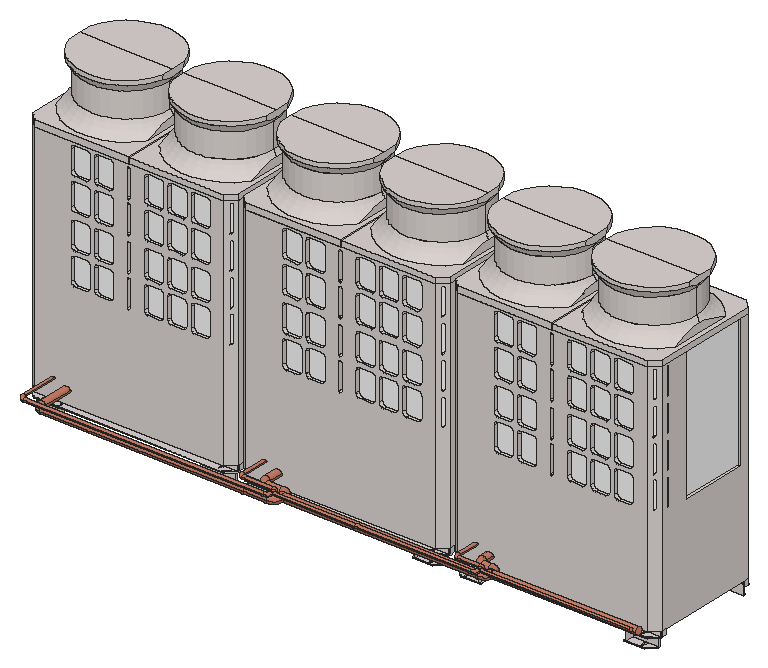
Revit family "PUHY-EP1250YSNW-A1", category 機械設備, Revit 2016 (continued)
Definition of nested family "PUHY-EP450YNW-A1"
  Lines and regions (mm)
    model lines
      curve 14: line (-347, -370, 205) -> (-347, -370, 141)
      curve 15: arc (-485, -370, 215) -> (-492.071, -370, 212.071) -> (-495, -370, 205) r 10
      curve 16: arc (-495, -370, 141) -> (-492.071, -370, 133.929) -> (-485, -370, 131) r 10
      curve 17: arc (-357, -370, 131) -> (-349.929, -370, 133.929) -> (-347, -370, 141) r 10
      curve 18: arc (-347, -370, 205) -> (-349.929, -370, 212.071) -> (-357, -370, 215) r 10
      curve 19: line (-405, -370, 1521) -> (-405, -370, 716)
      curve 20: line (620, -162.3, 1521) -> (620, -162.3, 95)
      curve 21: line (620, 289.2, 1521) -> (620, 289.2, 95)
      curve 22: line (620, -162.3, 705) -> (620, 289.2, 705)
      curve 23: line (620, -162.3, 725) -> (620, 289.2, 725)
      curve 24: line (620, -76.8, 583) -> (620, 203.2, 583)
      curve 25: line (620, 203.2, 563) -> (620, -76.8, 563)
      curve 26: arc (620, -76.8, 583) -> (620, -83.871, 580.071) -> (620, -86.8, 573) r 10
      curve 27: arc (620, -76.8, 563) -> (620, -83.871, 565.929) -> (620, -86.8, 573) r 10
      curve 28: arc (620, 203.2, 583) -> (620, 210.271, 580.071) -> (620, 213.2, 573) r 10
      curve 29: arc (620, 203.2, 563) -> (620, 210.271, 565.929) -> (620, 213.2, 573) r 10
      curve 30: line (620, -76.8, 478) -> (620, 203.2, 478)
      curve 31: line (620, 203.2, 458) -> (620, -76.8, 458)
      curve 32: arc (620, -76.8, 478) -> (620, -83.871, 475.071) -> (620, -86.8, 468) r 10
      curve 33: arc (620, -76.8, 458) -> (620, -83.871, 460.929) -> (620, -86.8, 468) r 10
      curve 34: arc (620, 203.2, 478) -> (620, 210.271, 475.071) -> (620, 213.2, 468) r 10
      curve 35: arc (620, 203.2, 458) -> (620, 210.271, 460.929) -> (620, 213.2, 468) r 10
      curve 36: line (620, -76.8, 373) -> (620, 203.2, 373)
      curve 37: line (620, 203.2, 353) -> (620, -76.8, 353)
      curve 38: arc (620, -76.8, 373) -> (620, -83.871, 370.071) -> (620, -86.8, 363) r 10
      curve 39: arc (620, -76.8, 353) -> (620, -83.871, 355.929) -> (620, -86.8, 363) r 10
      curve 40: arc (620, 203.2, 373) -> (620, 210.271, 370.071) -> (620, 213.2, 363) r 10
      curve 41: arc (620, 203.2, 353) -> (620, 210.271, 355.929) -> (620, 213.2, 363) r 10
      curve 42: line (620, -76.8, 268) -> (620, 203.2, 268)
      curve 43: line (620, 203.2, 248) -> (620, -76.8, 248)
      curve 44: arc (620, -76.8, 268) -> (620, -83.871, 265.071) -> (620, -86.8, 258) r 10
      curve 45: arc (620, -76.8, 248) -> (620, -83.871, 250.929) -> (620, -86.8, 258) r 10
      curve 46: arc (620, 203.2, 268) -> (620, 210.271, 265.071) -> (620, 213.2, 258) r 10
      curve 47: arc (620, 203.2, 248) -> (620, 210.271, 250.929) -> (620, 213.2, 258) r 10
      curve 48: line (-620, -162.3, 1521) -> (-620, -162.3, 95)
      curve 49: line (-620, 235.7, 1521) -> (-620, 235.7, 95)
      curve 50: line (-620, -112.3, 1521) -> (-620, -112.3, 705)
      curve 51: line (-620, 215.7, 1521) -> (-620, 215.7, 705)
      curve 52: line (-620, 235.7, 705) -> (-620, -162.3, 705)
      curve 53: line (-620, 176.7, 268) -> (-620, -103.3, 268)
      curve 54: line (-620, -103.3, 248) -> (-620, 176.7, 248)
      curve 55: arc (-620, 186.7, 258) -> (-620, 183.771, 265.071) -> (-620, 176.7, 268) r 10
      curve 56: arc (-620, 176.7, 248) -> (-620, 183.771, 250.929) -> (-620, 186.7, 258) r 10
      curve 57: arc (-620, -103.3, 268) -> (-620, -110.371, 265.071) -> (-620, -113.3, 258) r 10
      curve 58: arc (-620, -113.3, 258) -> (-620, -110.371, 250.929) -> (-620, -103.3, 248) r 10
      curve 59: line (-620, 176.7, 373) -> (-620, -103.3, 373)
      curve 60: line (-620, -103.3, 353) -> (-620, 176.7, 353)
      curve 61: arc (-620, 186.7, 363) -> (-620, 183.771, 370.071) -> (-620, 176.7, 373) r 10
      curve 62: arc (-620, 176.7, 353) -> (-620, 183.771, 355.929) -> (-620, 186.7, 363) r 10
      curve 63: arc (-620, -103.3, 373) -> (-620, -110.371, 370.071) -> (-620, -113.3, 363) r 10
      curve 64: arc (-620, -113.3, 363) -> (-620, -110.371, 355.929) -> (-620, -103.3, 353) r 10
      curve 65: line (-620, 176.7, 478) -> (-620, -103.3, 478)
      curve 66: line (-620, -103.3, 458) -> (-620, 176.7, 458)
      curve 67: arc (-620, 186.7, 468) -> (-620, 183.771, 475.071) -> (-620, 176.7, 478) r 10
      curve 68: arc (-620, 176.7, 458) -> (-620, 183.771, 460.929) -> (-620, 186.7, 468) r 10
      curve 69: arc (-620, -103.3, 478) -> (-620, -110.371, 475.071) -> (-620, -113.3, 468) r 10
      curve 70: arc (-620, -113.3, 468) -> (-620, -110.371, 460.929) -> (-620, -103.3, 458) r 10
      curve 71: line (-620, 176.7, 583) -> (-620, -103.3, 583)
      curve 72: line (-620, -103.3, 563) -> (-620, 176.7, 563)
      curve 73: arc (-620, 186.7, 573) -> (-620, 183.771, 580.071) -> (-620, 176.7, 583) r 10
      curve 74: arc (-620, 176.7, 563) -> (-620, 183.771, 565.929) -> (-620, 186.7, 573) r 10
      curve 75: arc (-620, -103.3, 583) -> (-620, -110.371, 580.071) -> (-620, -113.3, 573) r 10
      curve 76: arc (-620, -113.3, 573) -> (-620, -110.371, 565.929) -> (-620, -103.3, 563) r 10
      curve 77: line (-544, 370, 1521) -> (-544, 370, 95)
      curve 78: line (489, 370, 649) -> (30, 370, 649)
      curve 79: line (-30.5, 370, 649) -> (-544, 370, 649)
      curve 80: line (-147.25, 370, 584) -> (-427.25, 370, 584)
      curve 81: line (-427.25, 370, 564) -> (-147.25, 370, 564)
      curve 82: arc (-137.25, 370, 574) -> (-140.179, 370, 581.071) -> (-147.25, 370, 584) r 10
      curve 83: arc (-147.25, 370, 564) -> (-140.179, 370, 566.929) -> (-137.25, 370, 574) r 10
      curve 84: arc (-427.25, 370, 584) -> (-434.321, 370, 581.071) -> (-437.25, 370, 574) r 10
      curve 85: arc (-437.25, 370, 574) -> (-434.321, 370, 566.929) -> (-427.25, 370, 564) r 10
      curve 86: circle (448, -185, 1521) r 15 normal (0, 0, 1)
      curve 87: circle (468, -185, 95) r 26 normal (0, 0, 1)
      curve 88: circle (448, -260, 95) r 32.5 normal (0, 0, 1)
      curve 89: circle (404, -204, 95) r 17 normal (0, 0, 1)
      curve 90: line (-550, -370, 1521) -> (-550, -370, 95)
      curve 91: line (-550, -370, 716) -> (-30, -370, 716)
      curve 92: line (550, -370, 95) -> (550, -370, 1521)
      curve 93: line (30, -370, 716) -> (550, -370, 716)
      curve 94: line (-30.5, 370, 1521) -> (-30.5, 370, 95)
      curve 95: line (30, 370, 1521) -> (30, 370, 95)
      curve 96: line (489, 370, 1521) -> (489, 370, 95)
      curve 97: line (467, 370, 669) -> (467, 370, 649)
      curve 98: line (-352, -370, 223) -> (-550, -370, 223)
      curve 99: line (-342, -370, 213) -> (-342, -370, 95)
      curve 100: arc (-342, -370, 213) -> (-344.929, -370, 220.071) -> (-352, -370, 223) r 10
      curve 101: circle (488, -370, 160) r 32.5 normal (0, -1, 0)
      curve 102: circle (488, -370, 160) r 20 normal (0, -1, 0)
      curve 103: circle (364, -370, 150) r 17 normal (0, -1, 0)
      curve 104: circle (413, -370, 185) r 26 normal (0, -1, 0)
      curve 105: circle (413, -370, 185) r 13.5 normal (0, -1, 0)
      curve 106: line (352, -370, 223) -> (550, -370, 223)
      curve 107: line (342, -370, 213) -> (342, -370, 95)
      curve 108: arc (342, -370, 213) -> (344.929, -370, 220.071) -> (352, -370, 223) r 10
      curve 109: line (-147.25, 370, 479) -> (-427.25, 370, 479)
      curve 110: line (-427.25, 370, 459) -> (-147.25, 370, 459)
      curve 111: arc (-137.25, 370, 469) -> (-140.179, 370, 476.071) -> (-147.25, 370, 479) r 10
      curve 112: arc (-147.25, 370, 459) -> (-140.179, 370, 461.929) -> (-137.25, 370, 469) r 10
      curve 113: arc (-427.25, 370, 479) -> (-434.321, 370, 476.071) -> (-437.25, 370, 469) r 10
      curve 114: arc (-437.25, 370, 469) -> (-434.321, 370, 461.929) -> (-427.25, 370, 459) r 10
      curve 115: line (-147.25, 370, 374) -> (-427.25, 370, 374)
      curve 116: line (-427.25, 370, 354) -> (-147.25, 370, 354)
      curve 117: arc (-137.25, 370, 364) -> (-140.179, 370, 371.071) -> (-147.25, 370, 374) r 10
      curve 118: arc (-147.25, 370, 354) -> (-140.179, 370, 356.929) -> (-137.25, 370, 364) r 10
      curve 119: arc (-427.25, 370, 374) -> (-434.321, 370, 371.071) -> (-437.25, 370, 364) r 10
      curve 120: arc (-437.25, 370, 364) -> (-434.321, 370, 356.929) -> (-427.25, 370, 354) r 10
      curve 121: line (-147.25, 370, 269) -> (-427.25, 370, 269)
      curve 122: line (-427.25, 370, 249) -> (-147.25, 370, 249)
      curve 123: arc (-137.25, 370, 259) -> (-140.179, 370, 266.071) -> (-147.25, 370, 269) r 10
      curve 124: arc (-147.25, 370, 249) -> (-140.179, 370, 251.929) -> (-137.25, 370, 259) r 10
      curve 125: arc (-427.25, 370, 269) -> (-434.321, 370, 266.071) -> (-437.25, 370, 259) r 10
      curve 126: arc (-437.25, 370, 259) -> (-434.321, 370, 251.929) -> (-427.25, 370, 249) r 10
      curve 127: line (399.5, 370, 584) -> (119.5, 370, 584)
      curve 128: line (119.5, 370, 564) -> (399.5, 370, 564)
      curve 129: arc (409.5, 370, 574) -> (406.571, 370, 581.071) -> (399.5, 370, 584) r 10
      curve 130: arc (399.5, 370, 564) -> (406.571, 370, 566.929) -> (409.5, 370, 574) r 10
      curve 131: arc (119.5, 370, 584) -> (112.429, 370, 581.071) -> (109.5, 370, 574) r 10
      curve 132: arc (109.5, 370, 574) -> (112.429, 370, 566.929) -> (119.5, 370, 564) r 10
      curve 133: line (399.5, 370, 479) -> (119.5, 370, 479)
      curve 134: line (119.5, 370, 459) -> (399.5, 370, 459)
      curve 135: arc (409.5, 370, 469) -> (406.571, 370, 476.071) -> (399.5, 370, 479) r 10
      curve 136: arc (399.5, 370, 459) -> (406.571, 370, 461.929) -> (409.5, 370, 469) r 10
      curve 137: arc (119.5, 370, 479) -> (112.429, 370, 476.071) -> (109.5, 370, 469) r 10
      curve 138: arc (109.5, 370, 469) -> (112.429, 370, 461.929) -> (119.5, 370, 459) r 10
      curve 139: line (399.5, 370, 374) -> (119.5, 370, 374)
      curve 140: line (119.5, 370, 354) -> (399.5, 370, 354)
      curve 141: arc (409.5, 370, 364) -> (406.571, 370, 371.071) -> (399.5, 370, 374) r 10
      curve 142: arc (399.5, 370, 354) -> (406.571, 370, 356.929) -> (409.5, 370, 364) r 10
      curve 143: arc (119.5, 370, 374) -> (112.429, 370, 371.071) -> (109.5, 370, 364) r 10
      curve 144: arc (109.5, 370, 364) -> (112.429, 370, 356.929) -> (119.5, 370, 354) r 10
      curve 145: line (399.5, 370, 269) -> (119.5, 370, 269)
      curve 146: line (119.5, 370, 249) -> (399.5, 370, 249)
      curve 147: arc (409.5, 370, 259) -> (406.571, 370, 266.071) -> (399.5, 370, 269) r 10
      curve 148: arc (399.5, 370, 249) -> (406.571, 370, 251.929) -> (409.5, 370, 259) r 10
      curve 149: arc (119.5, 370, 269) -> (112.429, 370, 266.071) -> (109.5, 370, 259) r 10
      curve 150: arc (109.5, 370, 259) -> (112.429, 370, 251.929) -> (119.5, 370, 249) r 10
      curve 151: line (399.5, -370, 584) -> (119.5, -370, 584)
      curve 152: line (119.5, -370, 564) -> (399.5, -370, 564)
      curve 153: arc (409.5, -370, 574) -> (406.571, -370, 581.071) -> (399.5, -370, 584) r 10
      curve 154: arc (399.5, -370, 564) -> (406.571, -370, 566.929) -> (409.5, -370, 574) r 10
      curve 155: arc (119.5, -370, 584) -> (112.429, -370, 581.071) -> (109.5, -370, 574) r 10
      curve 156: arc (109.5, -370, 574) -> (112.429, -370, 566.929) -> (119.5, -370, 564) r 10
      curve 157: line (399.5, -370, 479) -> (119.5, -370, 479)
      curve 158: line (119.5, -370, 459) -> (399.5, -370, 459)
      curve 159: arc (409.5, -370, 469) -> (406.571, -370, 476.071) -> (399.5, -370, 479) r 10
      curve 160: arc (399.5, -370, 459) -> (406.571, -370, 461.929) -> (409.5, -370, 469) r 10
      curve 161: arc (119.5, -370, 479) -> (112.429, -370, 476.071) -> (109.5, -370, 469) r 10
      curve 162: arc (109.5, -370, 469) -> (112.429, -370, 461.929) -> (119.5, -370, 459) r 10
      curve 163: line (399.5, -370, 374) -> (119.5, -370, 374)
      curve 164: line (119.5, -370, 354) -> (399.5, -370, 354)
      curve 165: arc (409.5, -370, 364) -> (406.571, -370, 371.071) -> (399.5, -370, 374) r 10
      curve 166: arc (399.5, -370, 354) -> (406.571, -370, 356.929) -> (409.5, -370, 364) r 10
      curve 167: arc (119.5, -370, 374) -> (112.429, -370, 371.071) -> (109.5, -370, 364) r 10
      curve 168: arc (109.5, -370, 364) -> (112.429, -370, 356.929) -> (119.5, -370, 354) r 10
      curve 169: arc (119.5, -370, 269) -> (112.429, -370, 266.071) -> (109.5, -370, 259) r 10
      curve 170: arc (109.5, -370, 259) -> (112.429, -370, 251.929) -> (119.5, -370, 249) r 10
      curve 171: line (-147.25, -370, 584) -> (-427.25, -370, 584)
      curve 172: line (-427.25, -370, 564) -> (-147.25, -370, 564)
      curve 173: arc (-137.25, -370, 574) -> (-140.179, -370, 581.071) -> (-147.25, -370, 584) r 10
      curve 174: arc (-147.25, -370, 564) -> (-140.179, -370, 566.929) -> (-137.25, -370, 574) r 10
      curve 175: arc (-427.25, -370, 584) -> (-434.321, -370, 581.071) -> (-437.25, -370, 574) r 10
      curve 176: arc (-437.25, -370, 574) -> (-434.321, -370, 566.929) -> (-427.25, -370, 564) r 10
      curve 177: line (-147.25, -370, 479) -> (-427.25, -370, 479)
      curve 178: line (-427.25, -370, 459) -> (-147.25, -370, 459)
      curve 179: arc (-137.25, -370, 469) -> (-140.179, -370, 476.071) -> (-147.25, -370, 479) r 10
      curve 180: arc (-147.25, -370, 459) -> (-140.179, -370, 461.929) -> (-137.25, -370, 469) r 10
      curve 181: arc (-427.25, -370, 479) -> (-434.321, -370, 476.071) -> (-437.25, -370, 469) r 10
      curve 182: arc (-437.25, -370, 469) -> (-434.321, -370, 461.929) -> (-427.25, -370, 459) r 10
      curve 183: line (-147.25, -370, 374) -> (-427.25, -370, 374)
      curve 184: line (-427.25, -370, 354) -> (-147.25, -370, 354)
      curve 185: arc (-137.25, -370, 364) -> (-140.179, -370, 371.071) -> (-147.25, -370, 374) r 10
      curve 186: arc (-147.25, -370, 354) -> (-140.179, -370, 356.929) -> (-137.25, -370, 364) r 10
      curve 187: arc (-427.25, -370, 374) -> (-434.321, -370, 371.071) -> (-437.25, -370, 364) r 10
      curve 188: arc (-437.25, -370, 364) -> (-434.321, -370, 356.929) -> (-427.25, -370, 354) r 10
      curve 189: line (-147.25, -370, 269) -> (-262.25, -370, 269)
      curve 190: line (-262.25, -370, 249) -> (-147.25, -370, 249)
      curve 191: arc (-137.25, -370, 259) -> (-140.179, -370, 266.071) -> (-147.25, -370, 269) r 10
      curve 192: arc (-147.25, -370, 249) -> (-140.179, -370, 251.929) -> (-137.25, -370, 259) r 10
      curve 193: arc (-262.25, -370, 269) -> (-269.321, -370, 266.071) -> (-272.25, -370, 259) r 10
      curve 194: arc (-272.25, -370, 259) -> (-269.321, -370, 251.929) -> (-262.25, -370, 249) r 10
      curve 195: line (234.5, -370, 269) -> (119.5, -370, 269)
      curve 196: line (119.5, -370, 249) -> (234.5, -370, 249)
      curve 197: arc (244.5, -370, 259) -> (241.571, -370, 266.071) -> (234.5, -370, 269) r 10
      curve 198: arc (234.5, -370, 249) -> (241.571, -370, 251.929) -> (244.5, -370, 259) r 10
  Dimensions and locks
    nested 2 to nested 2 = 303.000 mm
    cut or joined group 1 (Extrusion 1, Extrusion 2, Extrusion 3, Extrusion 4, Extrusion 5, Extrusion 6, Extrusion 7, Extrusion 8, Extrusion 9, Extrusion 10, Extrusion 11, Extrusion 12, Extrusion 13, Extrusion 14, Extrusion 15, Extrusion 16, Extrusion 17, Extrusion 18, Extrusion 19, Extrusion 20, Extrusion 21, Extrusion 22, Extrusion 23, Extrusion 24, Extrusion 25, Extrusion 26, Extrusion 27, Extrusion 28, Extrusion 29, Extrusion 30, Extrusion 31, Extrusion 32, Extrusion 33) to cut or joined group 1 = 1240.000 mm
    Extrusion 2 sketch curve to Extrusion 2 sketch curve = 116.800 mm
    Extrusion 2 sketch curve to Extrusion 2 sketch curve = 170.800 mm
    Extrusion 3 sketch curve to Extrusion 3 sketch curve = 116.800 mm
    Extrusion 3 sketch curve to Extrusion 3 sketch curve = 170.800 mm
    Extrusion 4 sketch curve to Extrusion 4 sketch curve = 116.800 mm
    Extrusion 4 sketch curve to Extrusion 4 sketch curve = 170.800 mm
    Extrusion 5 sketch curve to Extrusion 5 sketch curve = 116.800 mm
    Extrusion 5 sketch curve to Extrusion 5 sketch curve = 170.800 mm
    Extrusion 6 sketch curve to Extrusion 6 sketch curve = 116.800 mm
    Extrusion 6 sketch curve to Extrusion 6 sketch curve = 170.800 mm
    Extrusion 7 sketch curve to Extrusion 7 sketch curve = 116.800 mm
    Extrusion 7 sketch curve to Extrusion 7 sketch curve = 170.800 mm
    Extrusion 8 sketch curve to Extrusion 8 sketch curve = 116.800 mm
    Extrusion 8 sketch curve to Extrusion 8 sketch curve = 170.800 mm
    Extrusion 9 sketch curve to Extrusion 9 sketch curve = 116.800 mm
    Extrusion 9 sketch curve to Extrusion 9 sketch curve = 170.800 mm
    cut or joined group 1 to cut or joined group 1 = 50.000 mm  (x2)
    Extrusion 10 sketch curve to Extrusion 10 sketch curve = 116.800 mm
    Extrusion 10 sketch curve to Extrusion 10 sketch curve = 170.800 mm
    Extrusion 11 sketch curve to Extrusion 11 sketch curve = 116.800 mm
    Extrusion 11 sketch curve to Extrusion 11 sketch curve = 170.800 mm
    Extrusion 12 sketch curve to Extrusion 12 sketch curve = 116.800 mm
    Extrusion 12 sketch curve to Extrusion 12 sketch curve = 170.800 mm
    Extrusion 13 sketch curve to Extrusion 13 sketch curve = 116.800 mm
    Extrusion 13 sketch curve to Extrusion 13 sketch curve = 170.800 mm
    Extrusion 14 sketch curve to Extrusion 14 sketch curve = 116.800 mm
    Extrusion 14 sketch curve to Extrusion 14 sketch curve = 170.800 mm
    Extrusion 15 sketch curve to Extrusion 15 sketch curve = 116.800 mm
    Extrusion 15 sketch curve to Extrusion 15 sketch curve = 170.800 mm
    Extrusion 16 sketch curve to Extrusion 16 sketch curve = 116.800 mm
    Extrusion 16 sketch curve to Extrusion 16 sketch curve = 170.800 mm
    Extrusion 17 sketch curve to Extrusion 17 sketch curve = 116.800 mm
    Extrusion 17 sketch curve to Extrusion 17 sketch curve = 170.800 mm
    Extrusion 18 sketch curve to Extrusion 18 sketch curve = 116.800 mm
    Extrusion 18 sketch curve to Extrusion 18 sketch curve = 170.800 mm
    Extrusion 19 sketch curve to Extrusion 19 sketch curve = 116.800 mm
    Extrusion 19 sketch curve to Extrusion 19 sketch curve = 170.800 mm
    Extrusion 20 sketch curve to Extrusion 20 sketch curve = 116.800 mm
    Extrusion 20 sketch curve to Extrusion 20 sketch curve = 170.800 mm
    Extrusion 21 sketch curve to Extrusion 21 sketch curve = 116.800 mm
    Extrusion 21 sketch curve to Extrusion 21 sketch curve = 170.800 mm
    plane 3 "Center (Left/Right)" to cut or joined group 1 = 620.000 mm
    cut or joined group 1 to plane 3 "Center (Left/Right)" = 620.000 mm
    Extrusion 1 sketch curve to Extrusion 1 sketch curve = 1240.000 mm
    cut or joined group 1 to plane 8 = 185.000 mm
    cut or joined group 1 to plane 7 = 166.000 mm
    cut or joined group 1 to plane 6 = 110.000 mm
    cut or joined group 1 to plane 12 to cut or joined group 1 = 805.000 mm, 621.000 mm
    plane 5 to plane 2 = 1858.000 mm  (x2)
    cut or joined group 1 to plane 19 "132" = 132.000 mm
    cut or joined group 1 to plane 22 = 207.000 mm
    cut or joined group 1 to plane 23 = 256.000 mm
    cut or joined group 1 to plane 6 = 60.000 mm
    cut or joined group 1 to cut or joined group 1 = 42.154 mm
    cut or joined group 1 to cut or joined group 1 = 11.895 mm
    nested 1 to nested 3 to level = 1798.000 mm, 60.000 mm
    nested 1 to nested 1 = 303.000 mm
    nested 1 to nested 3 = 1495.000 mm
    nested 8 to nested 8 to nested 8 to nested 7 to nested 7 to nested 7 = 54.000 mm, 20.000 mm, 592.000 mm, 20.000 mm, 54.000 mm
    nested 3 to nested 3 = 56.000 mm
    plane 11 to plane 31 to plane 32 to cut or joined group 1 = 90.000 mm, 1060.000 mm, 90.000 mm
    curve 103 to nested 7 = 90.000 mm
    curve 104 to nested 7 = 125.000 mm
    curve 101 to nested 7 = 100.000 mm
    curve 11 to curve 13 to nested 7 = 84.000 mm, 71.000 mm
    cut or joined group 1 to curve 12 to curve 14 = 125.000 mm, 148.000 mm
    nested 2 to nested 7 = 1495.000 mm
    curve 87 to cut or joined group 1 = 152.000 mm
    curve 88 to cut or joined group 1 = 172.000 mm
    curve 89 to cut or joined group 1 = 216.000 mm
    cut or joined group 1 to curve 4 to curve 2 = 128.000 mm, 150.000 mm
    cut or joined group 1 to curve 1 to curve 3 = 79.000 mm, 94.000 mm
    Extrusion 32 sketch curve to nested 7 = 116.000 mm
    cut or joined group 1 to Extrusion 32 sketch curve = 160.000 mm
    cut or joined group 1 to Extrusion 33 sketch curve = 243.000 mm
    Extrusion 33 sketch curve to nested 7 = 116.000 mm
    aligned and locked: level to plane 2
    aligned and locked: Extrusion 1 to plane 4
  Nested families
    nested 1: "FAN GUARD" at (-311.5, 2, 860), type "FAN GUARD"
      with WIDTH 870.000 mm
    nested 2: "FAN GUARD" at (311.5, 2, 860) x (-1, 0, 0) z (0, 0, 1), type "FAN GUARD"
      with WIDTH 870.000 mm
    nested 3: "ATTACHMENT LEG" at (-524, -349, 0), type "ATTACHMENT LEG"
    nested 4: "ATTACHMENT LEG" at (-524, 349, 0), type "ATTACHMENT LEG"
    nested 5: "ATTACHMENT LEG" at (524, -349, 0) x (-1, 0, 0) z (0, 0, 1), type "ATTACHMENT LEG"
    nested 6: "ATTACHMENT LEG" at (524, 349, 0) x (-1, 0, 0) z (0, 0, 1), type "ATTACHMENT LEG"
    nested 7: "BASE LEG_L_" at (0, -352, 60), type "BASE LEG_L_"
      with Width 1240.000 mm
    nested 8: "BASE LEG_L_" at (0, 352, 60), type "BASE LEG_L_"
      with Width 1240.000 mm
  Connectors
    piping at (-460, -191, 176), diameter 25.4, driven by "Liquid pipe_radius"
      settings: on cut or joined group 1, index 3, connector inside diameter 25.4 mm, connector length 0.000 mm, flow factor 0, pipe flow 0.0 L/s, pressure drop 0.0 Pa, fitting loss kfactor 0, connector angle 0.00°, fixture units 0, engagement length 0.000 mm, angle of deflection 0.00°, flow configuration 0, flow direction 0, fitting loss method 0, system type 22, joint type 0, gender type 0, connector reference index -1, connector utility 0, adjustable connector no, is connector primary yes, connector description "Refrigerant service valve<Liquid pipe>"
    piping at (-377, -191, 176), diameter 28.58, driven by "Gas pipe_radius"
      settings: on cut or joined group 1, index 4, connector inside diameter 28.58 mm, connector length 0.000 mm, flow factor 0, pipe flow 0.0 L/s, pressure drop 0.0 Pa, fitting loss kfactor 0, connector angle 0.00°, fixture units 0, engagement length 0.000 mm, angle of deflection 0.00°, flow configuration 0, flow direction 0, fitting loss method 0, system type 22, joint type 0, gender type 0, connector reference index -1, connector utility 0, adjustable connector no, is connector primary no, connector description "Refrigerant service valve<Gas>"
    electrical at (0, -370, 808)
      settings: on cut or joined group 1, index 5, voltage 0 V, apparent load 0 VA, apparent load phase1 0 VA, apparent load phase2 0 VA, apparent load phase3 0 VA, power factor 1, load classification none, number of poles 1, system type 30, power factor state 1, is connector primary yes, connector utility no, sub classification motor no, connector description ""
  Definition of nested family "FAN GUARD"
    Parameters
      WIDTH [instance] = 870.000 mm
    Reference planes
      plane 1 "中心(正面/背面)": y = -2
      plane 2: z = 0
      plane 3 "ファンガード基準面": z = 661
      plane 4: y = 368
      plane 5: x = 366
      plane 6: x = -375
      plane 7 "ファンガード基準上面": z = 695
      plane 8 "ファンガード上面": z = 998
      plane 9: x = -273.971
      plane 10: x = 308.5
      plane 11: x = -308.5
      plane 12: x = 0
    Forms (mm)
      Extrusion 1, solid
        sketch origin (85, 0, 661) x (-1, 0, 0) y (0, -1, 0)
          loop
            line (343.5, -368) -> (393.5, -318) -> (393.5, 322) -> (343.5, 372) -> (-223.5, 372) -> (-223.5, -368) -> (343.5, -368)
        from 0 to 34
      Revolve 2, solid
        sketch origin (0, -2, 0) x (1, 0, 0) y (0, 0, 1)
          loop
            line (0, 695) -> (0, 998) -> (-290, 998) -> (-290, 972.327) -> (-260, 928.372) -> (-260, 777.384)
            arc (-260, 777.384) -> (-290.651, 730.137) -> (-334.665, 695) r 175.882
            line (-334.665, 695) -> (0, 695)
          axis (0, 998) -> (0, 695)
        angle from 0 to 360
      Extrusion 3, void
        sketch origin (-840, 75, 695) x (-1, 0, 0) y (0, -1, 0)
          loop
            line (-410, -165) -> (-410, 315) -> (-561.253, 315) -> (-561.253, -165) -> (-410, -165)
        from -35 to 430.592
      Extrusion 4, void
        sketch origin (840, 75, 695) x (1, 0, 0) y (0, 1, 0)
          loop
            line (-410, 165) -> (-561.253, 165) -> (-561.253, -315) -> (-410, -315) -> (-410, 165)
        from 0 to 430.592
    Cuts and joins
      Extrusion 3, Extrusion 4 cuts Revolve 2
      Extrusion 4 cuts Extrusion 1
    Lines and regions (mm)
      model lines
        curve 1: line (-278.747, 0, 998) -> (-80, 0, 998)
        curve 2: line (80, 0, 998) -> (278.747, 0, 998)
        curve 3: circle (0, 0, 998) r 80 normal (0, 0, 1)
        curve 4: line (-278.747, -80, 998) -> (278.747, -80, 998)
        curve 5: line (-241.868, -160, 998) -> (241.868, -160, 998)
        curve 6: line (-162.788, -240, 998) -> (162.788, -240, 998)
        curve 7: line (-278.747, 80, 998) -> (278.747, 80, 998)
        curve 8: line (-241.868, 160, 998) -> (240, 160, 998)
        curve 9: line (-160, 240, 998) -> (162.788, 240, 998)
        curve 10: line (0, 290, 998) -> (0, -290, 998)
        curve 11: line (-20, 289.31, 998) -> (-20, -289.31, 998)
        curve 12: line (-40, 287.228, 998) -> (-40, -287.228, 998)
        curve 13: line (-60, 283.725, 998) -> (-60, -283.725, 998)
        curve 14: line (-80, 278.747, 998) -> (-80, -278.747, 998)
        curve 15: line (20, 289.31, 998) -> (20, -289.31, 998)
        curve 16: line (40, 287.228, 998) -> (40, -287.228, 998)
        curve 17: line (60, 283.725, 998) -> (60, -283.725, 998)
        curve 18: line (80, 278.747, 998) -> (80, -278.747, 998)
        curve 19: line (100, 272.213, 998) -> (100, -272.213, 998)
        curve 20: line (120, 264.008, 998) -> (120, -264.008, 998)
        curve 21: line (140, 253.969, 998) -> (140, -253.969, 998)
        curve 22: line (160, 241.868, 998) -> (160, -243.132, 998)
        curve 23: line (180, 227.376, 998) -> (180, -227.624, 998)
        curve 24: line (200, 210, 998) -> (200, -210, 998)
        curve 25: line (220, 188.944, 998) -> (220, -188.944, 998)
        curve 26: line (240, 160, 998) -> (240, -162.788, 998)
        curve 27: line (260, 128.452, 998) -> (260, -128.452, 998)
        curve 28: line (-100, 272.213, 998) -> (-100, -272.213, 998)
        curve 29: line (-120, 264.008, 998) -> (-120, -264.008, 998)
        curve 30: line (-140, 253.969, 998) -> (-140, -253.969, 998)
        curve 31: line (-160, 240, 998) -> (-160, -241.868, 998)
        curve 32: line (-180, 227.376, 998) -> (-180, -227.376, 998)
        curve 33: line (-200, 210, 998) -> (-200, -210, 998)
        curve 34: line (-220, 188.944, 998) -> (-220, -188.944, 998)
        curve 35: line (-240, 162.788, 998) -> (-240, -162.788, 998)
        curve 36: line (-260, 128.452, 998) -> (-260, -128.452, 998)
        curve 37: line (10, 79.373, 998) -> (10, -79.373, 998)
        curve 38: line (-10, 79.373, 998) -> (-10, -79.373, 998)
        curve 39: line (30, 74.162, 998) -> (30, -74.162, 998)
        curve 40: line (50, 62.45, 998) -> (50, -62.45, 998)
        curve 41: line (70, 38.73, 998) -> (70, -38.73, 998)
        curve 42: line (-30, 74.162, 998) -> (-30, -74.162, 998)
        curve 43: line (-50, 62.45, 998) -> (-50, -62.45, 998)
        curve 44: line (-70, 38.73, 998) -> (-70, -38.73, 998)
    Dimensions and locks
      locked: plane 8 "ファンガード上面" to plane 7 "ファンガード基準上面" at 303
      plane 8 "ファンガード上面" to plane 3 "ファンガード基準面" = 337.000 mm
      Revolve 2 sketch curve to Revolve 2 sketch curve = 290.000 mm
      Extrusion 1 sketch curve to Extrusion 1 sketch curve = 740.000 mm
      equal spacing: Extrusion 1 sketch curve, plane 1 "中心(正面/背面)", Extrusion 1 sketch curve
      plane 6 to plane 5 = 741.000 mm
      Extrusion 1 sketch curve to Extrusion 1 sketch curve = 617.000 mm
      plane 11 to plane 10 = 617.000 mm
      cut or joined group of Extrusion 1, Extrusion 4 to cut or joined group of Extrusion 1, Extrusion 4 = 617.000 mm
      cut or joined group of Extrusion 1, Extrusion 4 to cut or joined group of Extrusion 1, Extrusion 4 = 740.000 mm
      aligned and locked: level to plane 2
      aligned and locked: plane 7 "ファンガード基準上面" to Extrusion 1
      aligned and locked: plane 3 "ファンガード基準面" to Extrusion 1
      aligned and locked: cut or joined group of Revolve 2, Extrusion 3, Extrusion 4 to plane 8 "ファンガード上面"
  Definition of nested family "ATTACHMENT LEG"
    Parameters
      Width = 145.000 mm
    Reference planes
      plane 1: z = 0
      plane 2 "中心(左/右)": x = -6
      plane 3: x = -52
      plane 4: x = 85
      plane 5: x = 93
      plane 6: y = -21
      plane 7: y = 27
      plane 8: x = -30
      plane 9: y = 39
      plane 10: z = 60
      plane 11: z = 57
      plane 12: z = 3
      plane 13: x = 82
      plane 14: y = 36
      plane 15: x = -75
      plane 16: y = 31
      plane 17 "幅": x = 93
      plane 18: y = 2.5
      plane 19: y = 21
      plane 20: y = -10
    Forms (mm)
      Extrusion 1, solid
        sketch origin (0, -1, 0) x (1, 0, 0) y (0, 1, 0)
          loop
            line (-75, 36) -> (-75, 27) -> (-28, -20) -> (93, -20) -> (93, 32) -> (85, 32) -> (85, 36) -> (-75, 36)
        from 0 to 60
      Extrusion 2, void
        sketch origin (0, -3, 0) x (1, 0, 0) y (0, 0, 1)
          loop
            line (-75, 57) -> (-75, 3) -> (82, 3) -> (82, 57) -> (-75, 57)
          loop
            line (93, 57) -> (85, 57) -> (85, 3) -> (93, 3) -> (93, 57)
        from -35 to 18
      Extrusion 3, void
        sketch origin (-6, 5.5, 0) x (1, 0, 0) y (0, 1, 0)
          loop
            arc (-7, -8.5) -> (0, -15.5) -> (7, -8.5) r 7
            line (7, -8.5) -> (7, 8.5)
            arc (7, 8.5) -> (0, 15.5) -> (-7, 8.5) r 7
            line (-7, 8.5) -> (-7, -8.5)
        from 0 to 60
    Cuts and joins
      Extrusion 2, Extrusion 3 cuts Extrusion 1
    Dimensions and locks
      locked: plane 3 to plane 4 at 137
      locked: plane 3 to plane 5 at 145
      plane 6 to plane 7 = 48.000 mm
      locked: plane 10 to level at 60
      Extrusion 3 sketch curve to plane 2 "中心(左/右)" = 7.000 mm
      locked: plane 15 to plane 2 "中心(左/右)" at 69
      locked: plane 15 to plane 8 at 45
      locked: plane 6 to plane 18 at 23.5
      cut or joined group of Extrusion 1, Extrusion 2, Extrusion 3 to cut or joined group of Extrusion 1, Extrusion 2, Extrusion 3 = 168.000 mm
      cut or joined group of Extrusion 1, Extrusion 2, Extrusion 3 to cut or joined group of Extrusion 1, Extrusion 2, Extrusion 3 = 56.000 mm  (x2)
      plane 14 to plane 6 = 57.000 mm
      aligned and locked: level to plane 1
      aligned and locked: Extrusion 1 sketch curve to plane 4
      aligned and locked: Extrusion 1 sketch curve to plane 5
      aligned: plane 8 to Extrusion 1 sketch curve
      aligned and locked: plane 10 to Extrusion 1
      aligned and locked: Extrusion 2 sketch curve to plane 11
      aligned: plane 3 to Extrusion 2 sketch curve
      aligned and locked: plane 12 to Extrusion 2 sketch curve
      aligned and locked: Extrusion 2 sketch curve to plane 13
      aligned and locked: plane 6 to Extrusion 2
      aligned and locked: plane 11 to Extrusion 2 sketch curve
      aligned and locked: plane 5 to Extrusion 2 sketch curve
      aligned and locked: Extrusion 2 sketch curve to plane 12
      aligned and locked: Extrusion 2 sketch curve to plane 4
      aligned and locked: plane 15 to Extrusion 1 sketch curve
      aligned and locked: Extrusion 2 sketch curve to cut or joined group of Extrusion 1, Extrusion 2, Extrusion 3
      aligned and locked: Extrusion 1 to plane 16
  Definition of nested family "BASE LEG_L_"
    Parameters
      Width [instance] = 1240.000 mm
    Reference planes
      plane 1 "中心(正面/背面)": y = 0
      plane 2: z = 0
      plane 3 "中心(左/右)": x = 0
      plane 4: x = 620
      plane 5: x = -620
      plane 6: x = -530
      plane 7: x = 530
      plane 8: y = -18
      plane 9: y = 39
      plane 10: z = 53
      plane 11: y = 42
      plane 12: y = 27
      plane 13: x = 575
      plane 14: x = -575
      plane 15: z = 8
      plane 16: y = 11.5
      plane 17: z = 35
    Forms (mm)
      Extrusion 1, solid
        sketch origin (0, 0, 0) x (0, 1, 0) y (0, 0, 1)
          loop
            line (-18, 0) -> (36, 0) -> (36, 32) -> (56, 32) -> (56, 35) -> (33, 35) -> (33, 3) -> (-18, 3) -> (-18, 0)
        from -620 to 620
      Extrusion 2, void
        sketch origin (0, 0, 0) x (1, 0, 0) y (0, 1, 0)
          loop
            line (575, -18) -> (620, -18) -> (620, 27) -> (575, -18)
          loop
            line (-575, -18) -> (-620, 27) -> (-620, -18) -> (-575, -18)
        from 0 to 250
      Extrusion 3, void
        sketch origin (0, 12.023, 0) x (1, 0, 0) y (0, 1, 0)
          loop
            arc (523, -2.971) -> (530, -9.971) -> (537, -2.971) r 7
            line (537, -2.971) -> (537, 3.023)
            arc (537, 3.023) -> (530, 10.023) -> (523, 3.023) r 7
            line (523, 3.023) -> (523, -2.971)
          loop
            line (-523, -2.971) -> (-523, 3.023)
            arc (-523, 3.023) -> (-530, 10.023) -> (-537, 3.023) r 7
            line (-537, 3.023) -> (-537, -2.971)
            arc (-537, -2.971) -> (-530, -9.971) -> (-523, -2.971) r 7
        from 0 to 250
      Extrusion 4, solid
        sketch origin (0, 0, -3) x (1, 0, 0) y (0, 0, 1)
          loop
            line (617, 8) -> (620, 8) -> (620, 35) -> (617, 35) -> (617, 8)
          loop
            line (-617, 8) -> (-617, 35) -> (-620, 35) -> (-620, 8) -> (-617, 8)
        from -36 to -56
      Extrusion 5, solid
        sketch origin (150, 352, 0) x (1, 0, 0) y (0, 1, 0)
          loop
            line (460, -319) -> (455, -319) -> (455, -320) -> (405, -370) -> (410, -370) -> (460, -320) -> (460, -319)
        from 3 to 35
      Extrusion 6, void
        sketch origin (560, -18, 0) x (0.707107, 0.707107, 0) y (0, 0, 1)
          loop
            line (70.711, 3) -> (-6.741, 39.767) -> (-6.741, 3) -> (70.711, 3)
        from -190.256 to 23.776
      Extrusion 7, solid
        sketch origin (-150, 352, 0) x (-1, 0, 0) y (0, -1, 0)
          loop
            line (460, 319) -> (460, 320) -> (410, 370) -> (405, 370) -> (455, 320) -> (455, 319) -> (460, 319)
        from 3 to 35
      Extrusion 8, void
        sketch origin (-560, -18, 0) x (0.707107, -0.707107, 0) y (0, 0, -1)
          loop
            line (-70.711, -3) -> (0, -35) -> (6.741, -35) -> (6.741, -3) -> (-70.711, -3)
        from -190.256 to 23.776
    Cuts and joins
      Extrusion 2, Extrusion 3 cuts Extrusion 1
      joined: Extrusion 1, Extrusion 4
      Extrusion 8 cuts Extrusion 7
      Extrusion 6 cuts Extrusion 5
    Dimensions and locks
      "Width": plane 5 to plane 4
      equal spacing: plane 5, plane 3 "中心(左/右)", plane 4
      locked: plane 5 to plane 6 at 90
      locked: plane 7 to plane 4 at 90
      locked: plane 8 to plane 9 at 57
      locked: plane 10 to level at 53
      locked: plane 9 to plane 11 at 3
      plane 8 to plane 12 = 45.000 mm
      locked: plane 13 to plane 4 at 45
      locked: plane 5 to plane 14 at 45
      equal spacing: Extrusion 3 sketch curve, plane 7, Extrusion 3 sketch curve
      equal spacing: Extrusion 3 sketch curve, plane 6, Extrusion 3 sketch curve
      locked: plane 10 to plane 15 at 45
      locked: cut or joined group of Extrusion 1, Extrusion 2, Extrusion 3, Extrusion 4 to Extrusion 4 sketch curve at 3  (x2)
      locked: plane 8 to plane 16 at 29.5
      plane 8 to plane 11 = 60.000 mm
      cut or joined group of Extrusion 1, Extrusion 2, Extrusion 3, Extrusion 4 to cut or joined group of Extrusion 1, Extrusion 2, Extrusion 3, Extrusion 4 = 35.000 mm
      aligned and locked: level to plane 2
      aligned and locked: plane 8 to Extrusion 1 sketch curve
      aligned and locked: plane 4 to Extrusion 1
      aligned and locked: Extrusion 1 to plane 5
      aligned and locked: Extrusion 2 sketch curve to plane 4
      aligned and locked: Extrusion 2 sketch curve to plane 8
      aligned and locked: plane 12 to Extrusion 2 sketch curve
      aligned and locked: plane 13 to Extrusion 2 sketch curve
      aligned and locked: plane 4 to Extrusion 4 sketch curve
      aligned and locked: plane 5 to Extrusion 4 sketch curve
      aligned and locked: cut or joined group of Extrusion 7, Extrusion 8 to cut or joined group of Extrusion 1, Extrusion 2, Extrusion 3, Extrusion 4
    Automatic sketch dimensions
      Extrusion 3 sketch curve to plane 1 "中心(正面/背面)" = 9.052 mm  (x2)
      Extrusion 3 sketch curve to plane 7 = 7.000 mm
      Extrusion 3 sketch curve to plane 1 "中心(正面/背面)" = 15.046 mm  (x2)
      Extrusion 3 sketch curve to plane 6 = 7.000 mm
      Extrusion 2 sketch curve to plane 5 = 0.000 mm
      plane 8 to Extrusion 2 sketch curve = 0.000 mm
      Extrusion 2 sketch curve to plane 14 = 0.000 mm
      plane 12 to Extrusion 2 sketch curve = 0.000 mm
      Extrusion 4 sketch curve to plane 10 = 21.000 mm
      plane 7 to Extrusion 5 sketch curve = 25.000 mm
      Extrusion 5 sketch curve to Extrusion 5 sketch curve = 5.000 mm  (x2)
      plane 7 to Extrusion 5 sketch curve = 75.000 mm
      plane 8 to Extrusion 5 sketch curve = 0.000 mm
      Extrusion 5 sketch curve to Extrusion 5 sketch curve = 50.000 mm
      Extrusion 5 sketch curve to Extrusion 5 sketch curve = 0.000 mm
      Extrusion 5 sketch curve to Extrusion 5 sketch curve = 1.000 mm
      Extrusion 6 sketch curve to Extrusion 5 = 0.000 mm  (x2)
      Extrusion 6 sketch curve to Extrusion 5 = 6.741 mm
      Extrusion 6 sketch curve to Extrusion 5 = 4.767 mm
      plane 6 to Extrusion 7 sketch curve = 25.000 mm
      Extrusion 7 sketch curve to Extrusion 7 sketch curve = 5.000 mm  (x2)
      Extrusion 7 sketch curve to Extrusion 7 sketch curve = 45.000 mm
      Extrusion 7 sketch curve to plane 8 = 0.000 mm
      Extrusion 7 sketch curve to Extrusion 7 sketch curve = 50.000 mm
      Extrusion 7 sketch curve to Extrusion 7 sketch curve = 0.000 mm
      Extrusion 7 sketch curve to Extrusion 7 sketch curve = 1.000 mm
      Extrusion 8 sketch curve to Extrusion 7 = 0.000 mm  (x2)
      Extrusion 7 to Extrusion 8 sketch curve = 0.000 mm  (x2)
      Extrusion 7 to Extrusion 8 sketch curve = 6.741 mm
      Extrusion 4 sketch curve to plane 17 = 3.000 mm
      Extrusion 4 sketch curve to plane 15 = 3.000 mm  (x2)
      Extrusion 1 sketch curve to plane 17 = 0.000 mm
      Extrusion 1 sketch curve to level = 0.000 mm
      level to Extrusion 1 sketch curve = 3.000 mm
      plane 9 to Extrusion 1 sketch curve = 6.000 mm
      plane 9 to Extrusion 1 sketch curve = 3.000 mm
      Extrusion 1 sketch curve to plane 17 = 3.000 mm
      Extrusion 1 sketch curve to plane 11 = 14.000 mm
Types (6, lengths in mm): name | Voltage | Hertz | Heating Rated Load Ampacity (A) | Heating Current Input (Nominal) (A) | Heating Current Input (A) | Cooling Rated Load Ampacity (A) | Cooling Current Input (A)
  PUHY-EP1250YSNW-A1_380V_50Hz | 380 V | 50 Hz | 65.5 | 54.6 | 65.5 | 67.3 | 67.3
  PUHY-EP1250YSNW-A1_380V_60Hz | 380 V | 60 Hz | 65.5 | 54.6 | 65.5 | 67.3 | 67.3
  PUHY-EP1250YSNW-A1_400V_50Hz | 400 V | 50 Hz | 62.2 | 51.9 | 62.2 | 63.9 | 63.9
  PUHY-EP1250YSNW-A1_400V_60Hz | 400 V | 60 Hz | 62.2 | 51.9 | 62.2 | 63.9 | 63.9
  PUHY-EP1250YSNW-A1_415V_50Hz | 415 V | 50 Hz | 60 | 50 | 60 | 61.6 | 61.6
  PUHY-EP1250YSNW-A1_415V_60Hz | 415 V | 60 Hz | 60 | 50 | 60 | 61.6 | 61.6
